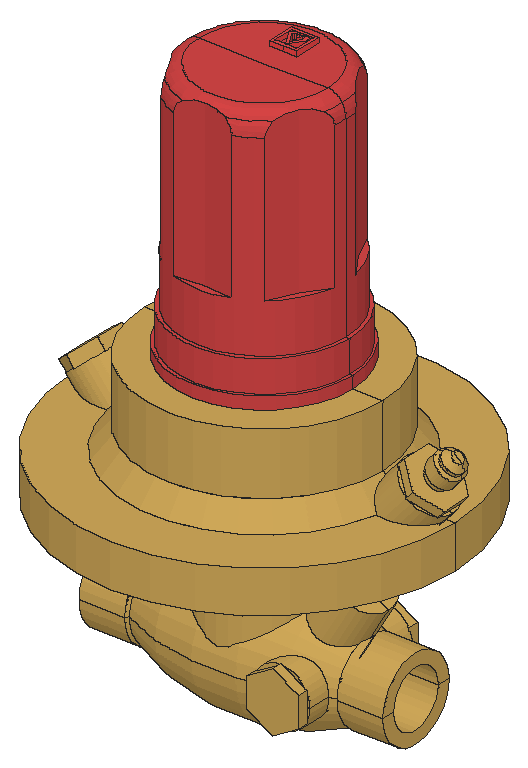
Revit family "Differenzdruckregler 4007_FIX_WE", category Rohrzubehör, Revit 2021 (continued)
Definition of nested family "Handrad für Diff.Druckregler 4007"
  Definition of nested family "Herz-Logo"
    Forms (mm)
      Extrusion 1, solid
        sketch origin (0, 0, 0) x (1, 0, 0) y (0, 1, 0)
          loop
            arc (1.885, 1.272) -> (2.005, 1.675) -> (1.885, 2.079) r 0.74
            arc (1.885, 2.079) -> (1.265, 2.416) -> (0.644, 2.079) r 0.74
            line (0.644, 2.079) -> (-0.018, 0.97) -> (-0.679, 2.079)
            arc (-0.679, 2.079) -> (-1.3, 2.416) -> (-1.921, 2.079) r 0.74
            arc (-1.921, 2.079) -> (-2.04, 1.675) -> (-1.921, 1.272) r 0.74
            line (-1.921, 1.272) -> (-0.018, -1.658) -> (1.885, 1.272)
        from 0 to 1.5
    Dimensions and locks
      aligned and locked: level to plane 2
Definition of nested family "Herz-Logo-vorne"
  Parameters (values of type "Herz-Logo-vorne")
    Default Elevation = 0.00 mm
  Reference planes
    plane 1 "Mitte (Vorne/hinten)": y = 0
    plane 2: z = 0
    plane 3 "Mitte (Links/rechts)": x = 0
  Forms (mm)
    Extrusion 1, solid
      sketch origin (0.732, -0.018, 0.017) x (0, -1, 0) y (0, 0, 1)
        loop
          line (-0.018, -4.517) -> (4.482, -4.517) -> (4.482, 4.483) -> (-4.518, 4.483) -> (-4.518, -4.517) -> (-0.018, -4.517)
        loop
          line (-0.05, -3.48) -> (3.482, -3.48) -> (3.482, 3.483) -> (-3.518, 3.483) -> (-3.518, -3.48) -> (-0.05, -3.48)
        loop
          arc (-0.018, 2.383) -> (-1.543, 3.287) -> (-3.067, 2.383) r 1.738
          arc (-3.067, 2.383) -> (-3.191, 1.899) -> (-3.067, 1.415) r 1.009
          line (-3.067, 1.415) -> (-0.018, -3.281) -> (3.032, 1.415)
          arc (3.032, 1.415) -> (3.156, 1.899) -> (3.032, 2.383) r 1.009
          arc (3.032, 2.383) -> (1.507, 3.287) -> (-0.018, 2.383) r 1.738
        loop
          arc (1.885, 1.272) -> (2.005, 1.675) -> (1.885, 2.079) r 0.74
          arc (1.885, 2.079) -> (1.265, 2.416) -> (0.644, 2.079) r 0.74
          line (0.644, 2.079) -> (-0.018, 0.97) -> (-0.679, 2.079)
          arc (-0.679, 2.079) -> (-1.3, 2.416) -> (-1.921, 2.079) r 0.74
          arc (-1.921, 2.079) -> (-2.04, 1.675) -> (-1.921, 1.272) r 0.74
          line (-1.921, 1.272) -> (-0.018, -1.658) -> (1.885, 1.272)
      from 0 to 1.5
  Dimensions and locks
    aligned and locked: level to plane 2
